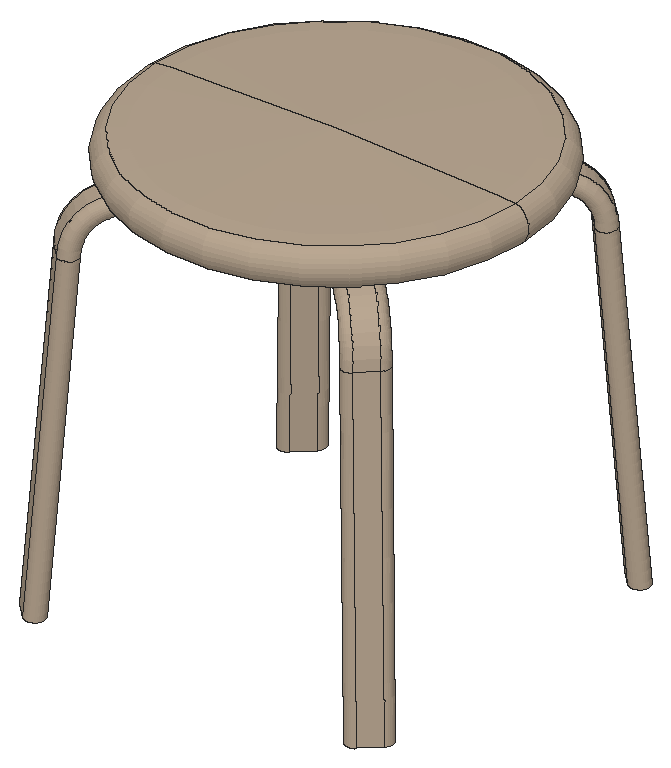
Revit family "Seating-Stacking_Stool-Teknion-Zones_ZNMS_Low_Backless-R2013", category Furniture, Revit 2013
Parameters (values of type "Stacking Low Backless Stool, Wood")
  With Seat Wood Frame Finish = not(With Seat Upholstery Finish)  # yes
  With Seat Upholstery Finish = no
  Width = 16 19/32"  # constant formula
  Warranty = "http://www.teknion.com/ca/papers/legal-canada"
  URL = "www.teknion.com"
  Sustainability Data = "http://www.teknion.com/ca/tools/assets#&asset=444deb64-fe58-4b68-981e-f75e97781df7,b4ff2d81-9f2e-437d-9659-7cffb09c31cf"
  Series = "Zones"
  Seat Wood Frame Finish [instance] = Veneer - Teknion - BS - Natural Beech
  Seat Wood Finish Note [instance] = "Same as Seat Wood Frame Finish is ZNMSW; upholstery if ZNMSU"  # constant formula
  Seat Upholstery Finish [instance] = Fabric - Teknion - E504 - Fundamentals - Salsa
  Product Page URL = "http://www.teknion.com/products/product-details?productLineId=b28c7a6e-8e7a-673b-a6c8-ff64004460c4"
  Product Line = "Zones"
  Product Documentation Link = "http://www.teknion.com/pricing/Zones/pdfs/ZNMSW_ppg.pdf"
  Part Number = "ZNMSW"
  Model = "ZNMSW"
  Manufacturer Phone = "416-661-3370"
  Manufacturer Fax = "416.661.4586"
  Manufacturer Contact Information = "http://www.teknion.com/ca/contactus"
  Manufacturer Address = "1150 Flint Road, Toronto, ON. M3J 2J5. Canada"
  Manufacturer = "Teknion"  # constant formula
  Height = 17 31/32"  # constant formula
  Description = "Zones Stacking Low Backless Stool, 4-Wood Legs + Seat"
  Depth = Width  # 16 19/32"
  Assembly Code = "E2020200"
Types (3): name | With Seat Wood Frame Finish | With Seat Upholstery Finish | Product Documentation Link | Part Number | Model | Description
  (no name) | yes | no | "http://www.teknion.com/pricing/Zones/pdfs/ZNMSW_ppg.pdf" | "ZNMSW" | "ZNMSW" | "Zones Stacking Low Backless Stool, 4-Wood Legs + Seat"
  Stacking Low Backless Stool, Wood | yes | no | "http://www.teknion.com/pricing/Zones/pdfs/ZNMSW_ppg.pdf" | "ZNMSW" | "ZNMSW" | "Zones Stacking Low Backless Stool, 4-Wood Legs + Seat"
  Stacking Low Backless Stool, Upholstered | no | yes | "http://www.teknion.com/pricing/Zones/pdfs/ZNMSU_ppg.pdf" | "ZNMSU" | "ZNMSU" | "Zones Stacking Low Backless Stool, 4-Wood Legs, Uph."
Reference planes (in)
  plane 1 "Center F/B": y = 0
  plane 2 "Bottom": z = 0
  plane 3 "Center L/R": x = 0
  plane 4 "Left": x = -8.29687
  plane 5 "Right": x = 8.29688
  plane 6 "Back": y = 8.29687
  plane 7 "Front": y = -8.29688
  plane 8 "Top": z = 17.96875
  plane 9 "Seat Level": z = 16.1811
  plane 10 "Leg 1": through (-7.51726, 7.51732, 31) normal (0.7071, 0.7071, 0)
  plane 11: z = 16.10261
  plane 12: through (7.51726, 7.51732, 31) normal (0.7071, -0.7071, 0)
Forms (in)
  Revolve 1, solid, material "Fabric - Teknion - E504 - Fundamentals - Salsa" <- "Seat Upholstery Finish", visible <- "With Seat Upholstery Finish"
    sketch origin (0, 0, 0) x (1, 0, 0) y (0, 0, 1)
      loop
        line (0, 17.96875) -> (0, 16.1811) -> (7.57723, 16.1811)
        arc (7.57723, 16.1811) -> (7.66501, 16.18619) -> (7.75162, 16.20137) r 0.76048
        arc (7.75162, 16.20137) -> (8.31411, 16.98007) -> (7.75162, 17.75877) r 0.82026
        spline (7.75162, 17.75877) -> (7.62813, 17.7839) -> (7.37795, 17.80287) -> (6.99515, 17.81794) -> (6.47378, 17.83141) -> (5.80791, 17.84555) -> (4.99168, 17.86264) -> (4.04301, 17.88365) -> (3.03434, 17.90657) -> (2.04567, 17.92897) -> (1.15705, 17.94842) -> (0.44848, 17.96249) -> (0, 17.96875)
      axis (0, 17.96875) -> (0, 16.1811)
    angle from 0 to 360
  Sweep 2, solid, material "Veneer - Teknion - BS - Natural Beech" <- "Seat Wood Frame Finish"
    path origin (0.00003, 0.00003, 0) x (-0.707107, 0.707107, 0) y (0, 0, 1)
      loop
        line (-9.86002, -0.23384) -> (-8.72768, 13.84078)
        arc (-8.72768, 13.84078) -> (-8.28388, 14.9373) -> (-7.19223, 15.39295) r 1.53555
        line (-7.19223, 15.39295) -> (7.17633, 15.39295)
        arc (7.17633, 15.39295) -> (8.26778, 14.93752) -> (8.71179, 13.84137) r 1.53555
        line (8.71179, 13.84137) -> (9.85286, -0.12196)
    profile origin (6.57178, -6.57172, 6.80347) x (0.704829, -0.704829, 0.080193) y (0.707107, 0.707107, 0)
      loop
        line (0.78723, -0.47143) -> (0.78723, 0.47396)
        arc (0.78723, 0.47396) -> (0.39298, 0.86758) -> (0, 0.47269) r 0.39361
        line (0, 0.47269) -> (0, -0.47269)
        arc (0, -0.47269) -> (0.39425, -0.86504) -> (0.78723, -0.47143) r 0.39361
  Sweep 3, solid, material "Veneer - Teknion - BS - Natural Beech" <- "Seat Wood Frame Finish"
    path origin (0.00003, -0.00003, 0) x (-0.707107, -0.707107, 0) y (0, 0, 1)
      loop
        line (-9.86002, -0.23384) -> (-8.72768, 13.84078)
        arc (-8.72768, 13.84078) -> (-8.28388, 14.9373) -> (-7.19223, 15.39295) r 1.53555
        line (-7.19223, 15.39295) -> (7.17633, 15.39295)
        arc (7.17633, 15.39295) -> (8.26778, 14.93752) -> (8.71179, 13.84137) r 1.53555
        line (8.71179, 13.84137) -> (9.85286, -0.12196)
    profile origin (6.57178, 6.57172, 6.80347) x (0.704829, 0.704829, 0.080193) y (-0.707107, 0.707107, 0)
      loop
        line (0.78723, -0.47143) -> (0.78723, 0.47396)
        arc (0.78723, 0.47396) -> (0.39298, 0.86758) -> (0, 0.47269) r 0.39361
        line (0, 0.47269) -> (0, -0.47269)
        arc (0, -0.47269) -> (0.39425, -0.86504) -> (0.78723, -0.47143) r 0.39361
  Extrusion 4, void
    sketch origin (0, -8.29688, 0) x (1, 0, 0) y (0, 0, 1)
      loop
        line (-8.29688, 0) -> (-8.29688, -1.75) -> (8.29687, -1.75) -> (8.29687, 0) -> (-8.29688, 0)
    from -16.59375 to 0
  Revolve 5, solid, material "Veneer - Teknion - BS - Natural Beech" <- "Seat Wood Frame Finish", visible <- "With Seat Wood Frame Finish"
    sketch origin (0, 0, 0) x (1, 0, 0) y (0, 0, 1)
      loop
        line (0, 17.96875) -> (0, 16.1811) -> (7.57723, 16.1811)
        arc (7.57723, 16.1811) -> (7.66501, 16.18619) -> (7.75162, 16.20137) r 0.76048
        arc (7.75162, 16.20137) -> (8.31411, 16.98007) -> (7.75162, 17.75877) r 0.82026
        spline (7.75162, 17.75877) -> (7.62813, 17.7839) -> (7.37795, 17.80287) -> (6.99515, 17.81794) -> (6.47378, 17.83141) -> (5.80791, 17.84555) -> (4.99168, 17.86264) -> (4.04301, 17.88365) -> (3.03434, 17.90657) -> (2.04567, 17.92897) -> (1.15705, 17.94842) -> (0.44848, 17.96249) -> (0, 17.96875)
      axis (0, 17.96875) -> (0, 16.1811)
    angle from 0 to 360
  Revolve 6, solid, material "Fabric - Teknion - E504 - Fundamentals - Salsa" <- "Seat Upholstery Finish", visible <- "With Seat Upholstery Finish"
    sketch origin (0, 0, 0) x (1, 0, 0) y (0, 0, 1)
      loop
        line (0, 17.96875) -> (0, 16.1811) -> (7.57723, 16.1811)
        arc (7.57723, 16.1811) -> (7.66501, 16.18619) -> (7.75162, 16.20137) r 0.76048
        arc (7.75162, 16.20137) -> (8.31411, 16.98007) -> (7.75162, 17.75877) r 0.82026
        spline (7.75162, 17.75877) -> (7.62813, 17.7839) -> (7.37795, 17.80287) -> (6.99515, 17.81794) -> (6.47378, 17.83141) -> (5.80791, 17.84555) -> (4.99168, 17.86264) -> (4.04301, 17.88365) -> (3.03434, 17.90657) -> (2.04567, 17.92897) -> (1.15705, 17.94842) -> (0.44848, 17.96249) -> (0, 17.96875)
      axis (0, 17.96875) -> (0, 16.1811)
    angle from 0 to 360
Cuts and joins
  Extrusion 4 cuts Sweep 3
  Extrusion 4 cuts Sweep 2
Lines and regions (in)
  Masking region 1
    outline origin (0, 0, 0) x (1, 0, 0) y (0, 1, 0)
      loop
        arc (5.23149, 6.43701) -> (-0.00025, 8.29479) -> (-5.23188, 6.43669) r 8.29479
        line (-5.23188, 6.43669) -> (-6.70683, 7.91235)
        arc (-6.70683, 7.91235) -> (-6.94754, 7.959) -> (-7.16942, 7.85465) r 0.39506
        line (-7.16942, 7.85465) -> (-7.85295, 7.17144)
        arc (-7.85295, 7.17144) -> (-7.95744, 6.9496) -> (-7.91092, 6.70884) r 0.39506
        line (-7.91092, 6.70884) -> (-6.43577, 5.23301)
        arc (-6.43577, 5.23301) -> (-8.29479, 0.00118) -> (-6.43726, -5.23118) r 8.29479
        line (-6.43726, -5.23118) -> (-7.91307, -6.70598)
        arc (-7.91307, -6.70598) -> (-7.95975, -6.94668) -> (-7.85542, -7.16857) r 0.39506
        line (-7.85542, -7.16857) -> (-7.17229, -7.85217)
        arc (-7.17229, -7.85217) -> (-6.95046, -7.95669) -> (-6.7097, -7.91019) r 0.39506
        line (-6.7097, -7.91019) -> (-5.2337, -6.43521)
        arc (-5.2337, -6.43521) -> (-0.00113, -8.29479) -> (5.23195, -6.43664) r 8.29479
        line (5.23195, -6.43664) -> (6.70692, -7.91227)
        arc (6.70692, -7.91227) -> (6.94763, -7.95892) -> (7.16951, -7.85457) r 0.39506
        line (7.16951, -7.85457) -> (7.85303, -7.17135)
        arc (7.85303, -7.17135) -> (7.95752, -6.94951) -> (7.91099, -6.70875) r 0.39506
        line (7.91099, -6.70875) -> (6.43583, -5.23293)
        arc (6.43583, -5.23293) -> (8.29479, 0.0003) -> (6.43546, 5.2334) r 8.29479
        line (6.43546, 5.2334) -> (7.91076, 6.7087)
        arc (7.91076, 6.7087) -> (7.95736, 6.94942) -> (7.85295, 7.17127) r 0.39506
        line (7.85295, 7.17127) -> (7.16958, 7.85464)
        arc (7.16958, 7.85464) -> (6.94772, 7.95909) -> (6.70697, 7.9125) r 0.39506
        line (6.70697, 7.9125) -> (5.23149, 6.43701)
  symbolic lines
    curve 1: arc (-5.24378, 6.4363, 0) -> (-5.87298, 5.86782, 0) -> (-6.4409, 5.23813, 0) r 8.302
    curve 2: arc (5.2416, 6.43712, 0) -> (5.86912, 5.87063, 0) -> (6.43577, 5.24326, 0) r 8.30126
    curve 3: arc (5.237, -6.43252, 0) -> (5.86455, -5.86606, 0) -> (6.43118, -5.23866, 0) r 8.29479
    curve 4: arc (-5.2416, -6.43712, 0) -> (-5.8717, -5.86806, 0) -> (-6.44037, -5.2376, 0) r 8.30126
  symbolic lines, detail levels medium+fine
    curve 5: line (-6.38305, 7.05063, 0) -> (-7.05393, 6.37976, 0)
    curve 6: line (6.3981, 7.05808, 0) -> (7.05634, 6.39983, 0)
    curve 7: line (7.05814, -6.39804, 0) -> (6.3999, -7.05628, 0)
    curve 8: line (-7.05905, -6.37463, 0) -> (-6.38305, -7.05063, 0)
    curve 9: spline (-5.91838, 7.10578, 0) -> (-5.956, 7.12489, 0) -> (-5.99539, 7.13988, 0) -> (-6.03608, 7.15059, 0) -> (-6.07762, 7.15689, 0) -> (-6.11951, 7.1587, 0) -> (-6.16127, 7.15602, 0) -> (-6.20243, 7.14886, 0) -> (-6.24251, 7.13732, 0) -> (-6.28104, 7.12151, 0) -> (-6.31759, 7.10164, 0) -> (-6.35172, 7.07792, 0) -> (-6.38305, 7.05063, 0)
    curve 10: spline (-7.05393, 6.37976, 0) -> (-7.08159, 6.34807, 0) -> (-7.10572, 6.31362, 0) -> (-7.12604, 6.2768, 0) -> (-7.14232, 6.23802, 0) -> (-7.15438, 6.19774, 0) -> (-7.16207, 6.1564, 0) -> (-7.16531, 6.11448, 0) -> (-7.16407, 6.07245, 0) -> (-7.15835, 6.03081, 0) -> (-7.14823, 5.99001, 0) -> (-7.13381, 5.95053, 0) -> (-7.11526, 5.91281, 0)
    curve 11: spline (5.90813, 7.12281, 0) -> (5.94575, 7.1405, 0) -> (5.98514, 7.15403, 0) -> (6.02583, 7.16322, 0) -> (6.06736, 7.16799, 0) -> (6.10925, 7.16826, 0) -> (6.15101, 7.16404, 0) -> (6.19217, 7.15538, 0) -> (6.23224, 7.14237, 0) -> (6.27078, 7.12518, 0) -> (6.30732, 7.10398, 0) -> (6.34146, 7.07904, 0) -> (6.3728, 7.05063, 0)
    curve 12: spline (7.0488, 6.38488, 0) -> (7.07647, 6.3532, 0) -> (7.10059, 6.31875, 0) -> (7.12092, 6.28193, 0) -> (7.1372, 6.24315, 0) -> (7.14925, 6.20286, 0) -> (7.15695, 6.16152, 0) -> (7.16019, 6.1196, 0) -> (7.15894, 6.07758, 0) -> (7.15323, 6.03593, 0) -> (7.1431, 5.99513, 0) -> (7.12868, 5.95565, 0) -> (7.11014, 5.91794, 0)
    curve 13: spline (5.90813, -7.11326, 0) -> (5.94577, -7.13147, 0) -> (5.98513, -7.14559, 0) -> (6.02577, -7.15544, 0) -> (6.06723, -7.16093, 0) -> (6.10905, -7.16199, 0) -> (6.15074, -7.15862, 0) -> (6.19184, -7.15084, 0) -> (6.23189, -7.13874, 0) -> (6.27044, -7.12247, 0) -> (6.30704, -7.1022, 0) -> (6.34129, -7.07816, 0) -> (6.3728, -7.05063, 0)
    curve 14: spline (7.0488, -6.38488, 0) -> (7.07749, -6.35304, 0) -> (7.1025, -6.31821, 0) -> (7.12353, -6.2808, 0) -> (7.14033, -6.24125, 0) -> (7.15272, -6.20004, 0) -> (7.16053, -6.15764, 0) -> (7.16368, -6.11457, 0) -> (7.16213, -6.07133, 0) -> (7.1559, -6.02843, 0) -> (7.14507, -5.98638, 0) -> (7.12975, -5.94568, 0) -> (7.11014, -5.90681, 0)
    curve 15: spline (-5.91838, -7.11326, 0) -> (-5.95602, -7.13147, 0) -> (-5.99538, -7.14559, 0) -> (-6.03602, -7.15544, 0) -> (-6.07748, -7.16093, 0) -> (-6.1193, -7.16199, 0) -> (-6.16099, -7.15862, 0) -> (-6.20209, -7.15084, 0) -> (-6.24214, -7.13874, 0) -> (-6.28069, -7.12247, 0) -> (-6.31729, -7.1022, 0) -> (-6.35154, -7.07816, 0) -> (-6.38305, -7.05063, 0)
    curve 16: spline (-7.05905, -6.37463, 0) -> (-7.08672, -6.34295, 0) -> (-7.11084, -6.3085, 0) -> (-7.13117, -6.27168, 0) -> (-7.14745, -6.2329, 0) -> (-7.1595, -6.19261, 0) -> (-7.1672, -6.15127, 0) -> (-7.17044, -6.10935, 0) -> (-7.16919, -6.06733, 0) -> (-7.16348, -6.02568, 0) -> (-7.15335, -5.98488, 0) -> (-7.13893, -5.9454, 0) -> (-7.12039, -5.90769, 0)
  symbolic lines, style "FurnitureHiddenLines", detail levels fine
    curve 17: line (-5.24378, 6.4363, 0) -> (-0.0015, 1.19402, 0)
    curve 18: line (-0.0015, 1.19402, 0) -> (5.2416, 6.43712, 0)
    curve 19: line (-6.4409, 5.23813, 0) -> (-1.20277, 0, 0)
    curve 20: line (6.43577, 5.24326, 0) -> (1.19252, 0, 0)
    curve 21: line (-5.2416, -6.43712, 0) -> (0, -1.19552, 0)
    curve 22: line (0, -1.19552, 0) -> (5.237, -6.43252, 0)
    curve 23: line (-6.44037, -5.2376, 0) -> (-1.20277, 0, 0)
    curve 24: line (6.43118, -5.23866, 0) -> (1.19252, 0, 0)
Dimensions and locks (in)
  "Height": plane 8 "Top" to plane 2 "Bottom"
  equal spacing: plane 4 "Left", plane 3 "Center L/R", plane 5 "Right"
  "Width": plane 4 "Left" to plane 5 "Right"
  locked: plane 9 "Seat Level" to plane 2 "Bottom" at 16.1811
  plane 9 "Seat Level" to plane 2 "Bottom" = 16.1811"
  equal spacing: plane 7 "Front", plane 1 "Center F/B", plane 6 "Back"
  "Depth": plane 7 "Front" to plane 6 "Back"
  locked: Revolve 1 sketch curve to plane 3 "Center L/R" at 7.49385
  locked: plane 9 "Seat Level" to Sweep 2 sketch curve at 0.78816
  locked: plane 2 "Bottom" to Extrusion 4 sketch curve at 1.75
  Sweep 2 sketch curve to plane 3 "Center L/R" to Sweep 2 sketch curve = 5.0857" locked, 5.0744" locked
  Sweep 3 sketch curve to plane 3 "Center L/R" to Sweep 3 sketch curve = 5.0857" locked, 5.0744" locked
  plane 7 "Front" to Sweep 3 sketch curve = 1.32982"
  plane 4 "Left" to Sweep 3 sketch curve = 1.32988"
  Sweep 3 sketch curve to plane 5 "Right" = 1.32475"
  plane 6 "Back" to Sweep 3 sketch curve = 1.32482"
  curve 19 to plane 10 "Leg 1" to curve 17 = 0.85053" locked, 0.84319" locked
  curve 22 to plane 10 "Leg 1" to curve 24 = 0.84541" locked, 0.84319" locked
  curve 20 to plane 12 to curve 18 = 0.84328" locked, 0.84532" locked
  curve 21 to plane 12 to curve 23 = 0.84541" locked, 0.85044" locked
  Revolve 5 sketch curve to plane 3 "Center L/R" to Revolve 5 sketch curve = 7.49385" locked, 0" locked
  Revolve 5 sketch curve to Revolve 5 sketch curve to Revolve 5 sketch curve to plane 2 "Bottom" = 0.98868" locked, 0.79897" locked, 16.1811" locked
  Revolve 6 sketch curve to Revolve 6 sketch curve to Revolve 6 sketch curve to plane 2 "Bottom" = 0.98868" locked, 0.79897" locked, 16.1811" locked
  Revolve 6 sketch curve to plane 3 "Center L/R" to Revolve 6 sketch curve = 7.49385" locked, 0" locked
  aligned and locked: level to plane 2 "Bottom"
  aligned and locked: plane 3 "Center L/R" to Revolve 1 sketch curve
  aligned and locked: Revolve 1 sketch curve to plane 3 "Center L/R"
  aligned and locked: Revolve 1 sketch curve to plane 9 "Seat Level"
  aligned and locked: plane 4 "Left" to Extrusion 4 sketch curve
  aligned and locked: Extrusion 4 sketch curve to plane 5 "Right"
  aligned and locked: Extrusion 4 sketch curve to plane 2 "Bottom"
  aligned and locked: plane 6 "Back" to Extrusion 4
  aligned and locked: plane 7 "Front" to Extrusion 4
  aligned and locked: plane 3 "Center L/R" to Masking region 1 sketch curve
  aligned and locked: plane 1 "Center F/B" to Masking region 1 sketch curve
  aligned and locked: plane 1 "Center F/B" to curve 1
  aligned and locked: plane 3 "Center L/R" to curve 1
  aligned and locked: plane 3 "Center L/R" to curve 4
  aligned and locked: plane 1 "Center F/B" to curve 4
  aligned and locked: plane 1 "Center F/B" to curve 3
  aligned and locked: plane 3 "Center L/R" to curve 3
  aligned and locked: plane 3 "Center L/R" to curve 2
  aligned and locked: plane 1 "Center F/B" to curve 2
  aligned and locked: cut or joined group of Sweep 2, Extrusion 4 to curve 5
  aligned and locked: cut or joined group of Sweep 3, Extrusion 4 to curve 6
  aligned and locked: cut or joined group of Sweep 2, Extrusion 4 to curve 7
  aligned and locked: curve 8 to cut or joined group of Sweep 3, Extrusion 4
  aligned and locked: Revolve 5 sketch curve to plane 3 "Center L/R"
  aligned and locked: Revolve 6 sketch curve to plane 3 "Center L/R"
Automatic sketch dimensions
  Revolve 1 sketch curve to plane 8 "Top" = 0"
  Revolve 1 sketch curve to plane 5 "Right" = 0.71965"
  Revolve 1 sketch curve to plane 8 "Top" = 0.20998"
  Revolve 1 sketch curve to plane 5 "Right" = 0.54525"
  plane 9 "Seat Level" to Revolve 1 sketch curve = 0.02027"
  Revolve 1 sketch curve to Revolve 1 sketch curve = 0.17439"
  Revolve 1 sketch curve to plane 11 = 1.39986"
  Revolve 1 sketch curve to Revolve 1 sketch curve = 3/4"
  Sweep 2 sketch curve to plane 11 = 2.26183"
  Sweep 2 sketch curve to plane 11 = 2.26124"
  Sweep 2 sketch curve to Sweep 2 sketch curve = 1.53546"  (x2)
  Sweep 2 sketch curve to Sweep 2 sketch curve = 14.36856"
  Sweep 2 sketch curve to level = 0.23384"
  Sweep 2 sketch curve to Sweep 2 sketch curve = 1.13234"
  Sweep 2 sketch curve to level = 0.12196"
  Sweep 2 sketch curve to Sweep 2 sketch curve = 1.14107"
  Sweep 2 sketch curve to profile plane = 0"
  Sweep 2 sketch curve to plane 10 "Leg 1" = 0.47269"
  Sweep 2 sketch curve to profile plane = 0.78723"
  Sweep 2 sketch curve to profile plane = 0.39361"  (x2)
  plane 10 "Leg 1" to Sweep 2 sketch curve = 0.47269"
  Sweep 3 sketch curve to plane 11 = 2.26183"
  plane 10 "Leg 1" to Sweep 3 sketch curve = 8.72764"
  Sweep 3 sketch curve to plane 11 = 2.26124"
  Sweep 3 sketch curve to plane 11 = 0.70967"
  Sweep 3 sketch curve to Sweep 3 sketch curve = 1.53546"  (x2)
  Sweep 3 sketch curve to plane 10 "Leg 1" = 7.17637"
  Sweep 3 sketch curve to level = 0.23384"
  plane 10 "Leg 1" to Sweep 3 sketch curve = 9.85998"
  Sweep 3 sketch curve to level = 0.12196"
  Sweep 3 sketch curve to plane 10 "Leg 1" = 9.85291"
  profile plane to Sweep 3 sketch curve = 0"
  Sweep 3 sketch curve to profile plane = 0.47269"
  Sweep 3 sketch curve to profile plane = 0.78723"
  Sweep 3 sketch curve to profile plane = 0.39361"  (x2)
  profile plane to Sweep 3 sketch curve = 0.47269"
  Masking region 1 sketch curve to Masking region 1 sketch curve = 0"  (x6)
  plane 4 "Left" to Masking region 1 sketch curve = 0.3838"
  Masking region 1 sketch curve to plane 7 "Front" = 0.3846"
  plane 4 "Left" to Masking region 1 sketch curve = 0.38596"
  plane 4 "Left" to Masking region 1 sketch curve = 0.44145"
  plane 4 "Left" to Masking region 1 sketch curve = 0.44393"
  Masking region 1 sketch curve to plane 7 "Front" = 0.4447"
  Masking region 1 sketch curve to Masking region 1 sketch curve = 0.68313"
  Masking region 1 sketch curve to plane 6 "Back" = 0.44223"  (x2)
  Masking region 1 sketch curve to Masking region 1 sketch curve = 0.68353"
  Masking region 1 sketch curve to Masking region 1 sketch curve = 0.46259"  (x4)
  Masking region 1 sketch curve to Masking region 1 sketch curve = 0.46258"  (x2)
  plane 4 "Left" to Masking region 1 sketch curve = 1.85962"
  plane 4 "Left" to Masking region 1 sketch curve = 1.8611"
  Masking region 1 sketch curve to Masking region 1 sketch curve = 1.20356"
  Masking region 1 sketch curve to Masking region 1 sketch curve = 1.2039"
  Masking region 1 sketch curve to plane 5 "Right" = 3.06539"
  Masking region 1 sketch curve to plane 5 "Right" = 3.06493"
  Masking region 1 sketch curve to Masking region 1 sketch curve = 1.20397"
  Masking region 1 sketch curve to Masking region 1 sketch curve = 1.20389"
  Masking region 1 sketch curve to plane 5 "Right" = 1.58995"
  Masking region 1 sketch curve to plane 6 "Back" = 0.38438"
  Masking region 1 sketch curve to plane 5 "Right" = 1.5899"
  Masking region 1 sketch curve to Masking region 1 sketch curve = 0.46261"
  Masking region 1 sketch curve to plane 5 "Right" = 0.44392"
  Masking region 1 sketch curve to plane 5 "Right" = 0.44385"
  Masking region 1 sketch curve to plane 5 "Right" = 0.38611"
  Masking region 1 sketch curve to plane 5 "Right" = 0.38589"
  Masking region 1 sketch curve to Masking region 1 sketch curve = 0.2877"
  Masking region 1 sketch curve to Masking region 1 sketch curve = 0.34547"
  Masking region 1 sketch curve to Masking region 1 sketch curve = 0.27099"
  Masking region 1 sketch curve to Masking region 1 sketch curve = 0.19181"
  Masking region 1 sketch curve to Masking region 1 sketch curve = 0.27089"
  Masking region 1 sketch curve to Masking region 1 sketch curve = 0.27078"
  Masking region 1 sketch curve to Masking region 1 sketch curve = 0.34542"
  Masking region 1 sketch curve to Masking region 1 sketch curve = 0.2875"
  Masking region 1 sketch curve to plane 7 "Front" = 0.38669"
  Masking region 1 sketch curve to plane 7 "Front" = 0.44231"
  Masking region 1 sketch curve to Masking region 1 sketch curve = 0.68322"
  Masking region 1 sketch curve to Masking region 1 sketch curve = 175/256"
  Masking region 1 sketch curve to plane 7 "Front" = 1.86024"
  Masking region 1 sketch curve to Masking region 1 sketch curve = 1.2037"
  Masking region 1 sketch curve to Masking region 1 sketch curve = 1.20403"
  Masking region 1 sketch curve to Masking region 1 sketch curve = 1.20369"
  Masking region 1 sketch curve to plane 6 "Back" = 1.58817"
  Masking region 1 sketch curve to Masking region 1 sketch curve = 1.1458"
  Masking region 1 sketch curve to Masking region 1 sketch curve = 0.46257"
  Masking region 1 sketch curve to plane 6 "Back" = 0.38453"
  curve 23 to curve 8 = 0.05732"
  curve 19 to curve 5 = 0.05785"
  curve 5 to curve 5 = 0.67087"
  curve 8 to curve 8 = 0.676"
  curve 5 to curve 17 = 1.13927"
  curve 18 to plane 3 "Center L/R" = 0.0015"
  curve 22 to curve 24 = 1.19417"
  curve 2 to curve 20 = 1.19417"
  curve 16 to curve 16 = 0.06133"
  curve 10 to curve 5 = 0.06133"
  curve 16 to curve 16 = 0.28233"
  curve 10 to curve 10 = 0.28233"
  curve 16 to curve 16 = 0.28509"
  curve 10 to curve 10 = 0.28509"
  curve 16 to curve 15 = 0.10134"
  curve 10 to curve 9 = 0.10134"
  curve 8 to curve 15 = 0.27436"
  curve 9 to curve 9 = 0.27647"
  curve 15 to curve 15 = 0.19031"
  curve 9 to curve 9 = 0.19031"
  curve 3 to curve 13 = 0.67113"
  curve 18 to curve 11 = 0.66653"
  curve 13 to curve 13 = 0.19031"
  curve 11 to curve 11 = 0.19031"
  curve 13 to curve 13 = 0.27436"
  curve 11 to curve 11 = 0.27436"
  curve 13 to curve 13 = 0.2816"
  curve 11 to curve 11 = 0.2816"
  curve 6 to plane 6 "Back" = 1.2388"
  curve 11 to curve 12 = 0.10134"
  curve 13 to curve 14 = 0.10134"
  curve 14 to curve 14 = 0.28509"
  curve 12 to curve 12 = 0.28509"
  curve 14 to curve 14 = 0.28233"
  curve 12 to curve 12 = 0.28233"
  curve 12 to curve 6 = 0.00754"
  curve 14 to curve 7 = 0.00933"
  curve 14 to curve 14 = 0.34367"
  curve 12 to curve 12 = 0.34367"
  curve 8 to curve 21 = 0.61351"
  curve 7 to curve 22 = 0.62376"
  curve 13 to curve 7 = 0.05698"
  curve 15 to curve 8 = 0.06263"
  curve 7 to curve 13 = 0.00565"
  curve 7 to curve 14 = 0.01316"
  curve 15 to curve 16 = 0.12055"
  curve 13 to curve 14 = 0.12055"
  curve 10 to curve 5 = 0.46695"
  curve 12 to curve 6 = 0.4819"
  curve 12 to curve 12 = 0.19261"
  curve 10 to curve 9 = 0.12055"
  curve 12 to curve 11 = 0.12055"
  curve 11 to curve 6 = 0.00744"
  Revolve 5 sketch curve to plane 8 "Top" = 0.20998"
  Revolve 5 sketch curve to Revolve 5 sketch curve = 0.08338"
  plane 9 "Seat Level" to Revolve 5 sketch curve = 0.02027"
  Revolve 5 sketch curve to Revolve 5 sketch curve = 0.17439"
  Revolve 5 sketch curve to plane 11 = 1.39986"
  Revolve 5 sketch curve to Revolve 5 sketch curve = 3/4"
  Revolve 6 sketch curve to plane 8 "Top" = 0.20998"
  Revolve 6 sketch curve to Revolve 6 sketch curve = 0.08338"
  plane 9 "Seat Level" to Revolve 6 sketch curve = 0.02027"
  Revolve 6 sketch curve to Revolve 6 sketch curve = 0.17439"
  Revolve 6 sketch curve to plane 11 = 1.39986"
  Revolve 6 sketch curve to Revolve 6 sketch curve = 3/4"
